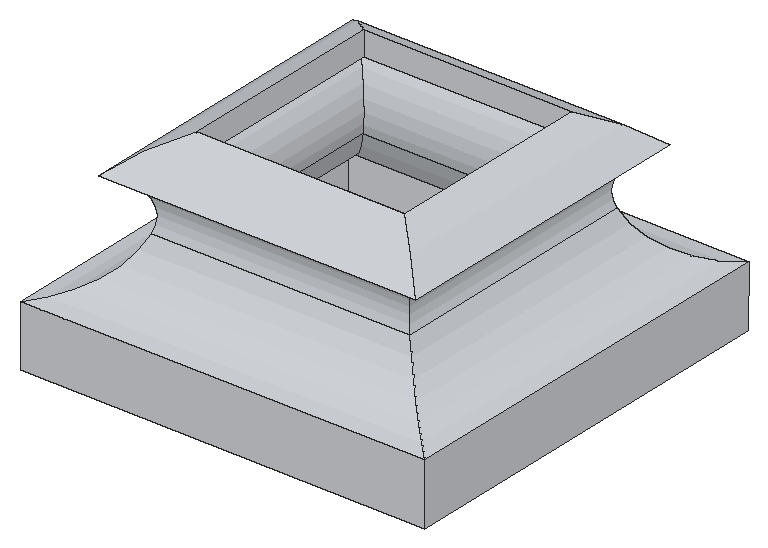
Revit family "269", category Balusters, Revit 2019
Family settings
  OmniClass Number = 23.30.80.11.11.14
  OmniClass Title = Posts, Newel Posts, Pickets
  Always vertical = Yes
  Cut with Voids When Loaded = No
  Shared = No
Parameters
  URL = "https://www.juliusblum.com/"
  built-in parameter 1008623 [instance] = 0.56671 (stored number, unit not read)
  built-in parameter 1008625 [instance] = (empty or 0)
  Post = no
  Model = "269"
  Manufacturer = "Julius Blum & Co Inc."
  Description = "Julius Blum & Co Inc. supplies stock material only and does not offer custom design, fabricating or installation services."
  built-in parameter 1008624 [instance] = 0.56671 (stored number, unit not read)
  built-in parameter 1008622 [instance] = 2' - 6"
Reference planes (in)
  plane 1 "Center (Front/Back)": y = 0
  plane 2: z = 0
  plane 3 "Center (Left/Right)": x = 0
  plane 4 "Top": z = 30
  plane 5 "Top of Post": z = 36
  plane 6: y = 1.485
  plane 7: y = -1.485
  plane 8: x = 1.485
  plane 9: x = -1.485
Forms (in)
  Sweep 1, solid
    path origin (0, 0, 0) x (1, 0, 0) y (0, 1, 0)
      loop
        line (-1.485, 1.485) -> (-1.485, -1.485) -> (1.485, -1.485) -> (1.485, 1.485) -> (-1.485, 1.485)
    profile origin (0, 1.485, 0) x (0, 1, 0) y (0, 0, 1)
      loop
        line (0, 0) -> (0, 0.45109)
        arc (0, 0.45109) -> (-0.3263, 0.57318) -> (-0.53628, 0.85119) r 0.62398
        arc (-0.53628, 0.85119) -> (-0.52392, 1.10308) -> (-0.3198, 1.25119) r 0.29169
        arc (-0.3198, 1.25119) -> (-0.50774, 1.39675) -> (-0.72128, 1.50119) r 1.16664
        line (-0.72128, 1.50119) -> (-0.72128, 1.32891) -> (-0.60171, 1.26798)
        arc (-0.60171, 1.26798) -> (-0.71235, 1.04196) -> (-0.68488, 0.79182) r 0.45169
        arc (-0.68488, 0.79182) -> (-0.47955, 0.49231) -> (-0.16128, 0.31746) r 0.78398
        line (-0.16128, 0.31746) -> (-0.16128, 0) -> (0, 0)
Lines and regions (in)
  model lines
    curve 1: line (0, 1.485, 0) -> (0, 1.485, 0.45109)
Text (in)
  text "Baluster Post Elevation" at (0, 56.5946, 48.5925), in view "Left"
Dimensions and locks (in)
  "built-in parameter 1008622": plane 2 to plane 4 "Top"
  aligned and locked: plane 2 to level
Automatic sketch dimensions
  curve 1 to plane 6 = 0' - 0"
  curve 1 to level = 0' - 0"
  level to curve 1 = 0' - 0.45109"
  Sweep 1 sketch curve to plane 6 = 0' - 0"
  Sweep 1 sketch curve to plane 9 = 0' - 0"
  Sweep 1 sketch curve to plane 7 = 0' - 0"
  Sweep 1 sketch curve to plane 8 = 0' - 0"
  Sweep 1 sketch curve to level = 0' - 0"
  profile plane to Sweep 1 sketch curve = 0' - 0.16128"
  level to Sweep 1 sketch curve = 0' - 0.31746"
  Sweep 1 sketch curve to Sweep 1 sketch curve = 0' - 0.06093"
  profile plane to Sweep 1 sketch curve = 0' - 0.26739"
  Sweep 1 sketch curve to Sweep 1 sketch curve = 0' - 0.26889"
  Sweep 1 sketch curve to profile plane = 0' - 0.04682"
  level to Sweep 1 sketch curve = 0' - 0.40641"
  Sweep 1 sketch curve to Sweep 1 sketch curve = 0' - 0"  (x4)
  Sweep 1 sketch curve to Sweep 1 sketch curve = 0' - 0.1486"
  Sweep 1 sketch curve to profile plane = 0' - 0"
  Sweep 1 sketch curve to Sweep 1 sketch curve = 0' - 0.13363"
  Sweep 1 sketch curve to Sweep 1 sketch curve = 0' - 0.51315"
  Sweep 1 sketch curve to Sweep 1 sketch curve = 0' - 0.10907"
  Sweep 1 sketch curve to Sweep 1 sketch curve = 0' - 0.185"
  Sweep 1 sketch curve to Sweep 1 sketch curve = 0' - 0.11957"
  Sweep 1 sketch curve to Sweep 1 sketch curve = 0' - 0.17228"
  Sweep 1 sketch curve to Sweep 1 sketch curve = 0' - 0.28191"
